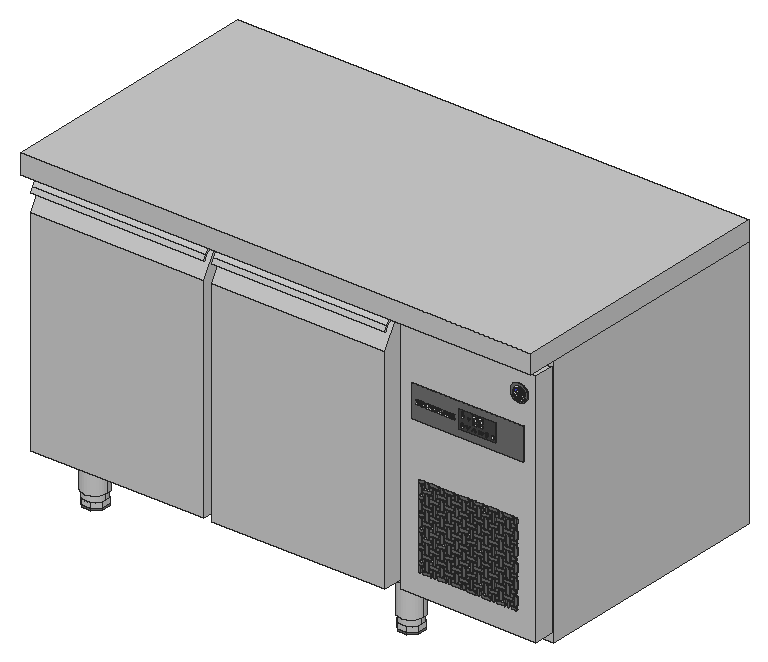
Revit family "QF_HOSHIZAKI_889000822", category Specialty Equipment, Revit 2016
Family settings
  Part Type = Normal
  Round Connector Dimension = Use Diameter
  OmniClass Number = 23.40.40.14
  OmniClass Title = Food Service Equipment
  Work Plane-Based = No
  Always vertical = Yes
  Cut with Voids When Loaded = No
  Shared = No
  Room Calculation Point = No
Parameters (values of type "889000822_230V/1Ph/50Hz")
  Weight = 95.00 kg
  Volts = 230 V
  URL Cutsheet = ""
  URL = "www.hoshizaki-europe.com"
  Status [instance] = ""
  Specification by User [instance] = ""
  Specification by Manufacturer [instance] = ""
  Serial Number = ""
  Seismic Rating = ""
  SMACNA No = ""
  Revision Code [instance] = ""
  Phase = 1
  Number of Poles = 2
  NAFEM Spec ID Number = ""
  Model = "ACR-130DG-LR-CRC-L2"
  Min Ckt Ampacity = 0 A
  Max Overcurrent Protection = 0 A
  Masterspec = ""
  Manufacturer = "HOSHIZAKI"
  Length Actual = 1314 mm
  Item Number [instance] = ""
  Installed By [instance] = ""
  Identify Quantity as Lot [instance] = no
  Height Actual = 900 mm
  HP power = ""
  Furnished By [instance] = ""
  Foodservice Equipment Identifier [instance] = yes
  FL Amps = 1.1 A
  Electric power = 160 W
  Electric Connection Type [instance] = ""
  Elec Conn RI Height [instance] = 0 mm
  Elec Conn Connection Height [instance] = 200 mm
  Description = "ADVANCE 2-SECTION 1/1 GN REFRIGERATED COUNTER WITH 2 DOORS AND A FLAT WORKTOP"
  Depth Actual = 700 mm
  Cycle = 50 Hz
  Cost = 0
  Conn Plug = ""
  Conn Conduit = no
  CSI MasterFormat = ""
  Assembly Code = "E1090320"
  Apparent Power = 160 VA
  Accessory = no
Reference planes
  plane 1 "Center (Front/Back)": y = 0
  plane 2: z = 0
  plane 3 "Center (Left/Right)": x = 0
Forms (mm)
  Extrusion 1, solid, not visible
    sketch origin (1199, -17, 349) x (1, 0, 0) y (0, 1, 0)
      loop
        line (0, 0) -> (2, 0) -> (2, 2) -> (0, 2) -> (0, 0)
    from 0 to 2
Dimensions and locks
  aligned and locked: level to plane 2
Nested families
  nested 1: "QF_HOSHIZAKI_889000822_230V_1Ph_50Hz" at (0, 0, 150), type "889000822_230V/1Ph/50Hz"
    with Show Logo yes, Length Actual 1314 mm, Height Actual 650 mm, Depth Actual 700 mm, Compressor offset 958 mm, Compressor location 1
  nested 2: "QF_HOSHIZAKI_ADVANCE_REF-COUNTER-WORKTOPS" at (0, 0, 800), type "760660093"
    with Worktop thickness 50 mm, Length Actual 1314 mm, Depth Actual 700 mm, Backsplash thickness 20 mm, Backsplash height 100 mm
  nested 3: "QF_HOSHIZAKI_ADVANCE_REF-COUNTER-DOORS-DRAWERS" at (22, -700, 150), type "760660485-R"
    with Weight 0.00 kg, URL Cutsheet "", Status "", Specification by User "", Specification by Manufacturer "", Serial Number "", Seismic Rating "", Section size 446 mm, Section 2, SMACNA No "", Right hand hinged glass door no, Right hand hinged door yes, Revision Code "", NAFEM Spec ID Number "", Masterspec "", Length Actual 0 mm, Left hand hinged glass door no, Left hand hinged door no, Item Number "", Installed By "", Identify Quantity as Lot no, Height Actual 0 mm, Furnished By "", Foodservice Equipment Identifier no, Depth Actual 0 mm, CSI MasterFormat "", Accessory yes, 3 Drawers no, 2 Drawers 1-3 and 2-3 no, 2 Drawers no
  nested 4: "QF_HOSHIZAKI_ADVANCE_REF-COUNTER-DOORS-DRAWERS" at (488, -700, 150), type "760660485-R"
    with Weight 0.00 kg, URL Cutsheet "", Status "", Specification by User "", Specification by Manufacturer "", Serial Number "", Seismic Rating "", Section size 446 mm, Section 2, SMACNA No "", Right hand hinged glass door no, Right hand hinged door yes, Revision Code "", NAFEM Spec ID Number "", Masterspec "", Length Actual 0 mm, Left hand hinged glass door no, Left hand hinged door no, Item Number "", Installed By "", Identify Quantity as Lot no, Height Actual 0 mm, Furnished By "", Foodservice Equipment Identifier no, Depth Actual 0 mm, CSI MasterFormat "", Accessory yes, 3 Drawers no, 2 Drawers 1-3 and 2-3 no, 2 Drawers no
  nested 5: "QF_HOSHIZAKI_ADVANCE_REF-COUNTER-LEGS" at (0, 0, 0), type "760660118-5"
    with Weight 0.00 kg, URL Cutsheet "", Status "", Specification by User "", Specification by Manufacturer "", Serial Number "", Seismic Rating "", SMACNA No "", Revision Code "", NAFEM Spec ID Number "", Masterspec "", Length Actual 1314 mm, Legs inset right 430 mm, Legs inset rear 70 mm, Legs inset left 70 mm, Legs inset front 153 mm, Item Number "", Installed By "", Identify Quantity as Lot no, Height Actual 150 mm, Furnished By "", Foodservice Equipment Identifier no, Depth Actual 700 mm, Central Legs no, CSI MasterFormat "", Accessory yes
Connectors
  electrical at (1200, -15, 350), driven by "Apparent Power", driven by "Number of Poles", driven by "Volts"
    settings: on Extrusion 1, index 1, voltage 230 V, apparent load 0 VA, apparent load phase1 160 VA, apparent load phase2 0 VA, apparent load phase3 0 VA, power factor 1, load classification "Other", number of poles 2, system type 31, power factor state 1, is connector primary yes, connector utility no, sub classification motor no, connector description "Electric connection for '889000822'"
Definition of nested family "QF_HOSHIZAKI_889000822_230V_1Ph_50Hz"
  Parameters (values of type "889000822_230V/1Ph/50Hz")
    URL = "www.hoshizaki-europe.com"
    Show Logo [instance] = yes
    Model = "ACR-130DG-LR-CRC-L2"
    Manufacturer = "HOSHIZAKI"
    Length Actual [instance] = 1314 mm
    Height Actual [instance] = 650 mm
    Description = "ADVANCE 2-SECTION 1/1 GN REFRIGERATED COUNTER WITH 2 DOORS AND A FLAT WORKTOP"
    Depth Actual [instance] = 700 mm
    Compressor offset [instance] = if(Compressor location = 1, Length Actual - 356 mm, if(Compressor location = 2, 7 mm, Length Actual - 356 mm))  # 958 mm
    Compressor location [instance] = 1
    Author = "SPECIFI"
    Assembly Code = "E1090320"
  Types (60, lengths in mm): name | Model | Length Actual | Description | Compressor offset
    889000840 | "ACR-130DG-LR-RRC-L1" | 1314 | "ADVANCE 2-SECTION 1/1 GN REFRIGERATED COUNTER WITH 2 DOORS AND A FLAT WORKTOP" | 958
    889000848 | "ACR-130DG-22-RRC-L1" | 1314 | "ADVANCE 2-SECTION 1/1 GN REFRIGERATED COUNTER WITH 2 DRAWER SECTIONS EACH WITH 2 X 1/2 DRAWERS AND A FLAT WORKTOP" | 958
    889000856 | "ACR-130DG-32-RRC-L1" | 1314 | "ADVANCE 2-SECTION 1/1 GN REFRIGERATED COUNTER WITH 1 DRAWER SECTION WITH 3 X 1/3 DRAWERS, 1 DRAWER SECTION WITH 2 X 1/2 DRAWERS AND A FLAT WORKTOP" | 958
    889000844 | "ACR-130DG-LR-RRS-L1" | 1314 | "ADVANCE 2-SECTION 1/1 GN REFRIGERATED COUNTER WITH 2 DOORS AND A WORKTOP WITH 100 MM SPLASHBACK" | 958
    889000852 | "ACR-130DG-22-RRS-L1" | 1314 | "ADVANCE 2-SECTION 1/1 GN REFRIGERATED COUNTER WITH 2 DRAWER SECTIONS EACH WITH 2 X 1/2 DRAWERS AND A WORKTOP WITH 100 MM SPLASHBACK" | 958
    889000861 | "ACR-130DG-LR-RRC-C1-U" | 1314 | "ADVANCE 2-SECTION 1/1 GN REFRIGERATED COUNTER WITH 2 DOORS AND A FLAT WORKTOP" | 958
    889000869 | "ACR-130DG-22-RRC-C1-U" | 1314 | "ADVANCE 2-SECTION 1/1 GN REFRIGERATED COUNTER WITH 2 DRAWER SECTIONS EACH WITH 2 X 1/2 DRAWERS AND A FLAT WORKTOP" | 958
    889000877 | "ACR-130DG-32-RRC-C1-U" | 1314 | "ADVANCE 2-SECTION 1/1 GN REFRIGERATED COUNTER WITH 1 DRAWER SECTION WITH 3 X 1/3 DRAWERS, 1 DRAWER SECTION WITH 2 X 1/2 DRAWERS AND A FLAT WORKTOP" | 958
    889000865 | "ACR-130DG-LR-RRS-C1-U" | 1314 | "ADVANCE 2-SECTION 1/1 GN REFRIGERATED COUNTER WITH 2 DOORS AND A WORKTOP WITH 100 MM SPLASHBACK" | 958
    889000873 | "ACR-130DG-22-RRS-C1-U" | 1314 | "ADVANCE 2-SECTION 1/1 GN REFRIGERATED COUNTER WITH 2 DRAWER SECTIONS EACH WITH 2 X 1/2 DRAWERS AND A WORKTOP WITH 100 MM SPLASHBACK" | 958
    889000842 | "ACR-130DG-LR-RRC-L2" | 1314 | "ADVANCE 2-SECTION 1/1 GN REFRIGERATED COUNTER WITH 2 DOORS AND A FLAT WORKTOP" | 958
    889000850 | "ACR-130DG-22-RRC-L2" | 1314 | "ADVANCE 2-SECTION 1/1 GN REFRIGERATED COUNTER WITH 2 DRAWER SECTIONS EACH WITH 2 X 1/2 DRAWERS AND A FLAT WORKTOP" | 958
    889000858 | "ACR-130DG-32-RRC-L2" | 1314 | "ADVANCE 2-SECTION 1/1 GN REFRIGERATED COUNTER WITH 1 DRAWER SECTION WITH 3 X 1/3 DRAWERS, 1 DRAWER SECTION WITH 2 X 1/2 DRAWERS AND A FLAT WORKTOP" | 958
    889000846 | "ACR-130DG-LR-RRS-L2" | 1314 | "ADVANCE 2-SECTION 1/1 GN REFRIGERATED COUNTER WITH 2 DOORS AND A WORKTOP WITH 100 MM SPLASHBACK" | 958
    889000854 | "ACR-130DG-22-RRS-L2" | 1314 | "ADVANCE 2-SECTION 1/1 GN REFRIGERATED COUNTER WITH 2 DRAWER SECTIONS EACH WITH 2 X 1/2 DRAWERS AND A WORKTOP WITH 100 MM SPLASHBACK" | 958
    889000822_230V/1Ph/50Hz | "ACR-130DG-LR-CRC-L2" | 1314 | "ADVANCE 2-SECTION 1/1 GN REFRIGERATED COUNTER WITH 2 DOORS AND A FLAT WORKTOP" | 958
    889000830 | "ACR-130DG-22-CRC-L2" | 1314 | "ADVANCE 2-SECTION 1/1 GN REFRIGERATED COUNTER WITH 2 DRAWER SECTIONS EACH WITH 2 X 1/2 DRAWERS AND A FLAT WORKTOP" | 958
    889000838 | "ACR-130DG-32-CRC-L2" | 1314 | "ADVANCE 2-SECTION 1/1 GN REFRIGERATED COUNTER WITH 1 DRAWER SECTION WITH 3 X 1/3 DRAWERS, 1 DRAWER SECTION WITH 2 X 1/2 DRAWERS AND A FLAT WORKTOP" | 958
    889000826 | "ACR-130DG-LR-CRS-L2" | 1314 | "ADVANCE 2-SECTION 1/1 GN REFRIGERATED COUNTER WITH 2 DOORS AND A WORKTOP WITH 100 MM SPLASHBACK" | 958
    889000834 | "ACR-130DG-22-CRS-L2" | 1314 | "ADVANCE 2-SECTION 1/1 GN REFRIGERATED COUNTER WITH 2 DRAWER SECTIONS EACH WITH 2 X 1/2 DRAWERS AND A WORKTOP WITH 100 MM SPLASHBACK" | 958
    889020840 | "ACR-180DG-LRR-RRC-L1" | 1780 | "ADVANCE 3-SECTION 1/1 GN REFRIGERATED COUNTER WITH 3 DOORS AND A FLAT WORKTOP" | 1424
    889020848 | "ACR-180DG-222-RRC-L1" | 1780 | "ADVANCE 3-SECTION 1/1 GN REFRIGERATED COUNTER WITH 3 DRAWER SECTIONS EACH WITH 2 X 1/2 DRAWERS AND A FLAT WORKTOP" | 1424
    889020856 | "ACR-180DG-332-RRC-L1" | 1780 | "ADVANCE 3-SECTION 1/1 GN REFRIGERATED COUNTER WITH 2 DRAWER SECTIONS EACH WITH 3 X 1/3 DRAWERS, 1 DRAWER SECTION WITH 2 X 1/2 DRAWERS AND A FLAT WORKTOP" | 1424
    889020844 | "ACR-180DG-LRR-RRS-L1" | 1780 | "ADVANCE 3-SECTION 1/1 GN REFRIGERATED COUNTER WITH 3 DOORS AND A WORKTOP WITH 100 MM SPLASHBACK" | 1424
    889020852 | "ACR-180DG-222-RRS-L1" | 1780 | "ADVANCE 3-SECTION 1/1 GN REFRIGERATED COUNTER WITH 3 DRAWER SECTIONS EACH WITH 2 X 1/2 DRAWERS AND A WORKTOP WITH 100 MM SPLASHBACK" | 1424
    889020861 | "ACR-180DG-LRR-RRC-C1-U" | 1780 | "ADVANCE 3-SECTION 1/1 GN REFRIGERATED COUNTER WITH 3 DOORS AND A FLAT WORKTOP" | 1424
    889020869 | "ACR-180DG-222-RRC-C1-U" | 1780 | "ADVANCE 3-SECTION 1/1 GN REFRIGERATED COUNTER WITH 3 DRAWER SECTIONS EACH WITH 2 X 1/2 DRAWERS AND A FLAT WORKTOP" | 1424
    889020877 | "ACR-180DG-332-RRC-C1-U" | 1780 | "ADVANCE 3-SECTION 1/1 GN REFRIGERATED COUNTER WITH 2 DRAWER SECTIONS EACH WITH 3 X 1/3 DRAWERS, 1 DRAWER SECTION WITH 2 X 1/2 DRAWERS AND A FLAT WORKTOP" | 1424
    889020865 | "ACR-180DG-LRR-RRS-C1-U" | 1780 | "ADVANCE 3-SECTION 1/1 GN REFRIGERATED COUNTER WITH 3 DOORS AND A WORKTOP WITH 100 MM SPLASHBACK" | 1424
    889020873 | "ACR-180DG-222-RRS-C1-U" | 1780 | "ADVANCE 3-SECTION 1/1 GN REFRIGERATED COUNTER WITH 3 DRAWER SECTIONS EACH WITH 2 X 1/2 DRAWERS AND A WORKTOP WITH 100 MM SPLASHBACK" | 1424
    889020842 | "ACR-180DG-LRR-RRC-L2" | 1780 | "ADVANCE 3-SECTION 1/1 GN REFRIGERATED COUNTER WITH 3 DOORS AND A FLAT WORKTOP" | 1424
    889020850 | "ACR-180DG-222-RRC-L2" | 1780 | "ADVANCE 3-SECTION 1/1 GN REFRIGERATED COUNTER WITH 3 DRAWER SECTIONS EACH WITH 2 X 1/2 DRAWERS AND A FLAT WORKTOP" | 1424
    889020858 | "ACR-180DG-332-RRC-L2" | 1780 | "ADVANCE 3-SECTION 1/1 GN REFRIGERATED COUNTER WITH 2 DRAWER SECTIONS EACH WITH 3 X 1/3 DRAWERS, 1 DRAWER SECTION WITH 2 X 1/2 DRAWERS AND A FLAT WORKTOP" | 1424
    889020846 | "ACR-180DG-LRR-RRS-L2" | 1780 | "ADVANCE 3-SECTION 1/1 GN REFRIGERATED COUNTER WITH 3 DOORS AND A WORKTOP WITH 100 MM SPLASHBACK" | 1424
    889020854 | "ACR-180DG-222-RRS-L2" | 1780 | "ADVANCE 3-SECTION 1/1 GN REFRIGERATED COUNTER WITH 3 DRAWER SECTIONS EACH WITH 2 X 1/2 DRAWERS AND A WORKTOP WITH 100 MM SPLASHBACK" | 1424
    889020823 | "ACR-180DG-LRR-CRC-L2" | 1780 | "ADVANCE 3-SECTION 1/1 GN REFRIGERATED COUNTER WITH 3 DOORS AND A FLAT WORKTOP" | 1424
    889020830 | "ACR-180DG-222-CRC-L2" | 1780 | "ADVANCE 3-SECTION 1/1 GN REFRIGERATED COUNTER WITH 3 DRAWER SECTIONS EACH WITH 2 X 1/2 DRAWERS AND A FLAT WORKTOP" | 1424
    889020838 | "ACR-180DG-332-CRC-L2" | 1780 | "ADVANCE 3-SECTION 1/1 GN REFRIGERATED COUNTER WITH 2 DRAWER SECTIONS EACH WITH 3 X 1/3 DRAWERS, 1 DRAWER SECTION WITH 2 X 1/2 DRAWERS AND A FLAT WORKTOP" | 1424
    889020827 | "ACR-180DG-LRR-CRS-L2" | 1780 | "ADVANCE 3-SECTION 1/1 GN REFRIGERATED COUNTER WITH 3 DOORS AND A WORKTOP WITH 100 MM SPLASHBACK" | 1424
    889020834 | "ACR-180DG-222-CRS-L2" | 1780 | "ADVANCE 3-SECTION 1/1 GN REFRIGERATED COUNTER WITH 3 DRAWER SECTIONS EACH WITH 2 X 1/2 DRAWERS AND A WORKTOP WITH 100 MM SPLASHBACK" | 1424
    889040840 | "ACR-225DG-LLRR-RRC-L1" | 2246 | "ADVANCE 4-SECTION 1/1 GN REFRIGERATED COUNTER WITH 4 DOORS AND A FLAT WORKTOP" | 1890
    889040848 | "ACR-225DG-2222-RRC-L1" | 2246 | "ADVANCE 4-SECTION 1/1 GN REFRIGERATED COUNTER WITH 4 DRAWER SECTIONS EACH WITH 2 X 1/2 DRAWERS AND A FLAT WORKTOP" | 1890
    889040856 | "ACR-225DG-3332-RRC-L1" | 2246 | "ADVANCE 4-SECTION 1/1 GN REFRIGERATED COUNTER WITH 3 DRAWER SECTIONS EACH WITH 3 X 1/3 DRAWERS, 1 DRAWER SECTION WITH 2 X 1/2 DRAWERS AND A FLAT WORKTOP" | 1890
    889040844 | "ACR-225DG-LLRR-RRS-L1" | 2246 | "ADVANCE 4-SECTION 1/1 GN REFRIGERATED COUNTER WITH 4 DOORS AND A WORKTOP WITH 100 MM SPLASHBACK" | 1890
    889040852 | "ACR-225DG-2222-RRS-L1" | 2246 | "ADVANCE 4-SECTION 1/1 GN REFRIGERATED COUNTER WITH 4 DRAWER SECTIONS EACH WITH 2 X 1/2 DRAWERS AND A WORKTOP WITH 100 MM SPLASHBACK" | 1890
    889040861 | "ACR-225DG-LLRR-RRC-C1-U" | 2246 | "ADVANCE 4-SECTION 1/1 GN REFRIGERATED COUNTER WITH 4 DOORS AND A FLAT WORKTOP" | 1890
    889040869 | "ACR-225DG-2222-RRC-C1-U" | 2246 | "ADVANCE 4-SECTION 1/1 GN REFRIGERATED COUNTER WITH 4 DRAWER SECTIONS EACH WITH 2 X 1/2 DRAWERS AND A FLAT WORKTOP" | 1890
    889040877 | "ACR-225DG-3332-RRC-C1-U" | 2246 | "ADVANCE 4-SECTION 1/1 GN REFRIGERATED COUNTER WITH 3 DRAWER SECTIONS EACH WITH 3 X 1/3 DRAWERS, 1 DRAWER SECTION WITH 2 X 1/2 DRAWERS AND A FLAT WORKTOP" | 1890
    889040865 | "ACR-225DG-LLRR-RRS-C1-U" | 2246 | "ADVANCE 4-SECTION 1/1 GN REFRIGERATED COUNTER WITH 4 DOORS AND A WORKTOP WITH 100 MM SPLASHBACK" | 1890
    889040873 | "ACR-225DG-2222-RRS-C1-U" | 2246 | "ADVANCE 4-SECTION 1/1 GN REFRIGERATED COUNTER WITH 4 DRAWER SECTIONS EACH WITH 2 X 1/2 DRAWERS AND A WORKTOP WITH 100 MM SPLASHBACK" | 1890
    889040842 | "ACR-225DG-LLRR-RRC-L2" | 2246 | "ADVANCE 4-SECTION 1/1 GN REFRIGERATED COUNTER WITH 4 DOORS AND A FLAT WORKTOP" | 1890
    889040850 | "ACR-225DG-2222-RRC-L2" | 2246 | "ADVANCE 4-SECTION 1/1 GN REFRIGERATED COUNTER WITH 4 DRAWER SECTIONS EACH WITH 2 X 1/2 DRAWERS AND A FLAT WORKTOP" | 1890
    889040858 | "ACR-225DG-3332-RRC-L2" | 2246 | "ADVANCE 4-SECTION 1/1 GN REFRIGERATED COUNTER WITH 3 DRAWER SECTIONS EACH WITH 3 X 1/3 DRAWERS, 1 DRAWER SECTION WITH 2 X 1/2 DRAWERS AND A FLAT WORKTOP" | 1890
    889040846 | "ACR-225DG-LLRR-RRS-L2" | 2246 | "ADVANCE 4-SECTION 1/1 GN REFRIGERATED COUNTER WITH 4 DOORS AND A WORKTOP WITH 100 MM SPLASHBACK" | 1890
    889040854 | "ACR-225DG-2222-RRS-L2" | 2246 | "ADVANCE 4-SECTION 1/1 GN REFRIGERATED COUNTER WITH 4 DRAWER SECTIONS EACH WITH 2 X 1/2 DRAWERS AND A WORKTOP WITH 100 MM SPLASHBACK" | 1890
    889040822 | "ACR-225DG-LLRR-CRC-L2" | 2246 | "ADVANCE 4-SECTION 1/1 GN REFRIGERATED COUNTER WITH 4 DOORS AND A FLAT WORKTOP" | 1890
    889040830 | "ACR-225DG-2222-CRC-L2" | 2246 | "ADVANCE 4-SECTION 1/1 GN REFRIGERATED COUNTER WITH 4 DRAWER SECTIONS EACH WITH 2 X 1/2 DRAWERS AND A FLAT WORKTOP" | 1890
    889040838 | "ACR-225DG-3332-CRC-L2" | 2246 | "ADVANCE 4-SECTION 1/1 GN REFRIGERATED COUNTER WITH 3 DRAWER SECTIONS EACH WITH 3 X 1/3 DRAWERS, 1 DRAWER SECTION WITH 2 X 1/2 DRAWERS AND A FLAT WORKTOP" | 1890
    889040826 | "ACR-225DG-LLRR-CRS-L2" | 2246 | "ADVANCE 4-SECTION 1/1 GN REFRIGERATED COUNTER WITH 4 DOORS AND A WORKTOP WITH 100 MM SPLASHBACK" | 1890
    889040834 | "ACR-225DG-2222-CRS-L2" | 2246 | "ADVANCE 4-SECTION 1/1 GN REFRIGERATED COUNTER WITH 4 DRAWER SECTIONS EACH WITH 2 X 1/2 DRAWERS AND A WORKTOP WITH 100 MM SPLASHBACK" | 1890
  Reference planes
    plane 1 "Back": y = 0
    plane 2: z = 0
    plane 3 "Left": x = 0
    plane 4 "Right": x = 1314
    plane 5 "Front": y = -700
    plane 6 "Top": z = 650
    plane 7 "Front legs": y = -624.512
    plane 8 "Compressor dimension": x = 1314
    plane 9 "Compressor offset": x = 958
  Forms (mm)
    Extrusion 1, solid
      sketch origin (0, 0, 0) x (0, 1, 0) y (0, 0, 1)
        loop
          line (0, 650) -> (-624.512, 650) -> (-624.512, 0) -> (0, 0) -> (0, 650)
      from 0 to 1314
    Extrusion 2, solid
      sketch origin (958, 0, 0) x (0, -1, 0) y (0, 0, 1)
        loop
          line (624.512, 634) -> (624.512, 20) -> (674.54, 20) -> (674.54, 634) -> (624.512, 634)
      from 0 to -349
  Lines and regions (mm)
    symbolic lines
      curve 1: line (0, 0, 650) -> (1314, 0, 650)
      curve 2: line (0, -700, 650) -> (0, 0, 650)
      curve 3: line (1314, -700, 650) -> (0, -700, 650)
      curve 4: line (1314, 0, 650) -> (1314, -700, 650)
  Dimensions and locks
    "Length Actual": plane 3 "Left" to plane 4 "Right"
    "Depth Actual": plane 5 "Front" to plane 1 "Back"
    plane 7 "Front legs" to plane 5 "Front" = 75.488 mm
    "Compressor offset": plane 3 "Left" to plane 9 "Compressor offset"
    locked: plane 9 "Compressor offset" to plane 8 "Compressor dimension" at 356
    plane 6 "Top" to level = 650 mm
    aligned and locked: level to plane 2
    aligned and locked: plane 1 "Back" to Extrusion 1 sketch curve
    aligned and locked: plane 7 "Front legs" to Extrusion 1 sketch curve
    aligned and locked: Extrusion 1 to plane 4 "Right"
    aligned and locked: plane 7 "Front legs" to Extrusion 2 sketch curve
    aligned and locked: nested 1 to plane 5 "Front"
    aligned and locked: nested 1 to plane 9 "Compressor offset"
    aligned and locked: Extrusion 1 sketch curve to plane 6 "Top"
    aligned and locked: plane 2 to Extrusion 1 sketch curve
    aligned and locked: plane 1 "Back" to curve 1
    aligned and locked: plane 5 "Front" to curve 3
    aligned and locked: plane 4 "Right" to curve 4
    aligned and locked: plane 3 "Left" to curve 2
  Automatic sketch dimensions
    plane 5 "Front" to Extrusion 2 sketch curve = 25.46 mm
    level to Extrusion 2 sketch curve = 20 mm
    Extrusion 2 sketch curve to plane 6 "Top" = 16 mm
  Nested families
    nested 1: "Control-panel" at (958, -700, 0), Show Logo <- "Show Logo", type "Control-panel"
      with Show Logo yes
  Definition of nested family "Control-panel"
    Parameters (values of type "Control-panel")
      Show Logo [instance] = yes
    Reference planes
      plane 1 "Center (Front/Back)": y = 0
      plane 2: z = 0
      plane 3 "Center (Left/Right)": x = 0
      plane 4: z = 650
    Forms (mm)
      Extrusion 1, solid
        sketch origin (-3653, 19.5, -135) x (-1, 0, 0) y (0, 0, 1)
          loop
            arc (-3941, 426) -> (-3944.5, 422.5) -> (-3941, 419) r 3.5
            line (-3941, 419) -> (-3923, 419)
            arc (-3923, 419) -> (-3919.5, 422.5) -> (-3923, 426) r 3.5
            line (-3923, 426) -> (-3941, 426)
          loop
            arc (-3903, 426) -> (-3906.5, 422.5) -> (-3903, 419) r 3.5
            line (-3903, 419) -> (-3885, 419)
            arc (-3885, 419) -> (-3881.5, 422.5) -> (-3885, 426) r 3.5
            line (-3885, 426) -> (-3903, 426)
          loop
            arc (-3865, 426) -> (-3868.5, 422.5) -> (-3865, 419) r 3.5
            line (-3865, 419) -> (-3847, 419)
            arc (-3847, 419) -> (-3843.5, 422.5) -> (-3847, 426) r 3.5
            line (-3847, 426) -> (-3865, 426)
          loop
            arc (-3827, 426) -> (-3830.5, 422.5) -> (-3827, 419) r 3.5
            line (-3827, 419) -> (-3809, 419)
            arc (-3809, 419) -> (-3805.5, 422.5) -> (-3809, 426) r 3.5
            line (-3809, 426) -> (-3827, 426)
          loop
            arc (-3789, 426) -> (-3792.5, 422.5) -> (-3789, 419) r 3.5
            line (-3789, 419) -> (-3771, 419)
            arc (-3771, 419) -> (-3767.5, 422.5) -> (-3771, 426) r 3.5
            line (-3771, 426) -> (-3789, 426)
          loop
            arc (-3751, 426) -> (-3754.5, 422.5) -> (-3751, 419) r 3.5
            line (-3751, 419) -> (-3733, 419)
            arc (-3733, 419) -> (-3729.5, 422.5) -> (-3733, 426) r 3.5
            line (-3733, 426) -> (-3751, 426)
          loop
            arc (-3713, 426) -> (-3716.5, 422.5) -> (-3713, 419) r 3.5
            line (-3713, 419) -> (-3704, 419)
            arc (-3704, 419) -> (-3700.5, 422.5) -> (-3704, 426) r 3.5
            line (-3704, 426) -> (-3713, 426)
          loop
            arc (-3948, 422) -> (-3951, 425) -> (-3954, 422) r 3
            line (-3954, 422) -> (-3954, 413)
            arc (-3954, 413) -> (-3951, 410) -> (-3948, 413) r 3
            line (-3948, 413) -> (-3948, 422)
          loop
            line (-3938.025, 416.51) -> (-3945.025, 416.51) -> (-3945.025, 409.51) -> (-3938.025, 409.51) -> (-3938.025, 416.51)
          loop
            line (-3919.025, 416.51) -> (-3926.025, 416.51) -> (-3926.025, 409.51) -> (-3919.025, 409.51) -> (-3919.025, 416.51)
          loop
            arc (-3910, 422) -> (-3913, 425) -> (-3916, 422) r 3
            line (-3916, 422) -> (-3916, 413)
            arc (-3916, 413) -> (-3913, 410) -> (-3910, 413) r 3
            line (-3910, 413) -> (-3910, 422)
          loop
            line (-3900.025, 416.51) -> (-3907.025, 416.51) -> (-3907.025, 409.51) -> (-3900.025, 409.51) -> (-3900.025, 416.51)
          loop
            line (-3881.025, 416.51) -> (-3888.025, 416.51) -> (-3888.025, 409.51) -> (-3881.025, 409.51) -> (-3881.025, 416.51)
          loop
            arc (-3872, 422) -> (-3875, 425) -> (-3878, 422) r 3
            line (-3878, 422) -> (-3878, 413)
            arc (-3878, 413) -> (-3875, 410) -> (-3872, 413) r 3
            line (-3872, 413) -> (-3872, 422)
          loop
            line (-3862.025, 416.51) -> (-3869.025, 416.51) -> (-3869.025, 409.51) -> (-3862.025, 409.51) -> (-3862.025, 416.51)
          loop
            line (-3843.025, 416.51) -> (-3850.025, 416.51) -> (-3850.025, 409.51) -> (-3843.025, 409.51) -> (-3843.025, 416.51)
          loop
            arc (-3834, 422) -> (-3837, 425) -> (-3840, 422) r 3
            line (-3840, 422) -> (-3840, 413)
            arc (-3840, 413) -> (-3837, 410) -> (-3834, 413) r 3
            line (-3834, 413) -> (-3834, 422)
          loop
            line (-3824.025, 416.51) -> (-3831.025, 416.51) -> (-3831.025, 409.51) -> (-3824.025, 409.51) -> (-3824.025, 416.51)
          loop
            line (-3805.025, 416.51) -> (-3812.025, 416.51) -> (-3812.025, 409.51) -> (-3805.025, 409.51) -> (-3805.025, 416.51)
          loop
            arc (-3796, 422) -> (-3799, 425) -> (-3802, 422) r 3
            line (-3802, 422) -> (-3802, 413)
            arc (-3802, 413) -> (-3799, 410) -> (-3796, 413) r 3
            line (-3796, 413) -> (-3796, 422)
          loop
            line (-3786.025, 416.51) -> (-3793.025, 416.51) -> (-3793.025, 409.51) -> (-3786.025, 409.51) -> (-3786.025, 416.51)
          loop
            line (-3767.025, 416.51) -> (-3774.025, 416.51) -> (-3774.025, 409.51) -> (-3767.025, 409.51) -> (-3767.025, 416.51)
          loop
            arc (-3758, 422) -> (-3761, 425) -> (-3764, 422) r 3
            line (-3764, 422) -> (-3764, 413)
            arc (-3764, 413) -> (-3761, 410) -> (-3758, 413) r 3
            line (-3758, 413) -> (-3758, 422)
          loop
            line (-3748.025, 416.51) -> (-3755.025, 416.51) -> (-3755.025, 409.51) -> (-3748.025, 409.51) -> (-3748.025, 416.51)
          loop
            line (-3729.025, 416.51) -> (-3736.025, 416.51) -> (-3736.025, 409.51) -> (-3729.025, 409.51) -> (-3729.025, 416.51)
          loop
            arc (-3720, 422) -> (-3723, 425) -> (-3726, 422) r 3
            line (-3726, 422) -> (-3726, 413)
            arc (-3726, 413) -> (-3723, 410) -> (-3720, 413) r 3
            line (-3720, 413) -> (-3720, 422)
          loop
            line (-3710.025, 416.51) -> (-3717.025, 416.51) -> (-3717.025, 409.51) -> (-3710.025, 409.51) -> (-3710.025, 416.51)
          loop
            line (-3935.5, 412.5) -> (-3935.5, 394.5)
            arc (-3935.5, 394.5) -> (-3932, 391) -> (-3928.5, 394.5) r 3.5
            line (-3928.5, 394.5) -> (-3928.5, 412.5)
            arc (-3928.5, 412.5) -> (-3932, 416) -> (-3935.5, 412.5) r 3.5
          loop
            line (-3897.5, 412.5) -> (-3897.5, 394.5)
            arc (-3897.5, 394.5) -> (-3894, 391) -> (-3890.5, 394.5) r 3.5
            line (-3890.5, 394.5) -> (-3890.5, 412.5)
            arc (-3890.5, 412.5) -> (-3894, 416) -> (-3897.5, 412.5) r 3.5
          loop
            line (-3859.5, 412.5) -> (-3859.5, 394.5)
            arc (-3859.5, 394.5) -> (-3856, 391) -> (-3852.5, 394.5) r 3.5
            line (-3852.5, 394.5) -> (-3852.5, 412.5)
            arc (-3852.5, 412.5) -> (-3856, 416) -> (-3859.5, 412.5) r 3.5
          loop
            line (-3821.5, 412.5) -> (-3821.5, 394.5)
            arc (-3821.5, 394.5) -> (-3818, 391) -> (-3814.5, 394.5) r 3.5
            line (-3814.5, 394.5) -> (-3814.5, 412.5)
            arc (-3814.5, 412.5) -> (-3818, 416) -> (-3821.5, 412.5) r 3.5
          loop
            line (-3783.5, 412.5) -> (-3783.5, 394.5)
            arc (-3783.5, 394.5) -> (-3780, 391) -> (-3776.5, 394.5) r 3.5
            line (-3776.5, 394.5) -> (-3776.5, 412.5)
            arc (-3776.5, 412.5) -> (-3780, 416) -> (-3783.5, 412.5) r 3.5
          loop
            line (-3745.5, 412.5) -> (-3745.5, 394.5)
            arc (-3745.5, 394.5) -> (-3742, 391) -> (-3738.5, 394.5) r 3.5
            line (-3738.5, 394.5) -> (-3738.5, 412.5)
            arc (-3738.5, 412.5) -> (-3742, 416) -> (-3745.5, 412.5) r 3.5
          loop
            line (-3707.5, 412.5) -> (-3707.5, 394.5)
            arc (-3707.5, 394.5) -> (-3704, 391) -> (-3700.5, 394.5) r 3.5
            line (-3700.5, 394.5) -> (-3700.5, 412.5)
            arc (-3700.5, 412.5) -> (-3704, 416) -> (-3707.5, 412.5) r 3.5
          loop
            arc (-3922, 407) -> (-3925.5, 403.5) -> (-3922, 400) r 3.5
            line (-3922, 400) -> (-3904, 400)
            arc (-3904, 400) -> (-3900.5, 403.5) -> (-3904, 407) r 3.5
            line (-3904, 407) -> (-3922, 407)
          loop
            arc (-3884, 407) -> (-3887.5, 403.5) -> (-3884, 400) r 3.5
            line (-3884, 400) -> (-3866, 400)
            arc (-3866, 400) -> (-3862.5, 403.5) -> (-3866, 407) r 3.5
            line (-3866, 407) -> (-3884, 407)
          loop
            arc (-3846, 407) -> (-3849.5, 403.5) -> (-3846, 400) r 3.5
            line (-3846, 400) -> (-3828, 400)
            arc (-3828, 400) -> (-3824.5, 403.5) -> (-3828, 407) r 3.5
            line (-3828, 407) -> (-3846, 407)
          loop
            arc (-3808, 407) -> (-3811.5, 403.5) -> (-3808, 400) r 3.5
            line (-3808, 400) -> (-3790, 400)
            arc (-3790, 400) -> (-3786.5, 403.5) -> (-3790, 407) r 3.5
            line (-3790, 407) -> (-3808, 407)
          loop
            arc (-3770, 407) -> (-3773.5, 403.5) -> (-3770, 400) r 3.5
            line (-3770, 400) -> (-3752, 400)
            arc (-3752, 400) -> (-3748.5, 403.5) -> (-3752, 407) r 3.5
            line (-3752, 407) -> (-3770, 407)
          loop
            arc (-3732, 407) -> (-3735.5, 403.5) -> (-3732, 400) r 3.5
            line (-3732, 400) -> (-3714, 400)
            arc (-3714, 400) -> (-3710.5, 403.5) -> (-3714, 407) r 3.5
            line (-3714, 407) -> (-3732, 407)
          loop
            line (-3938.025, 390.49) -> (-3938.025, 397.49) -> (-3945.025, 397.49) -> (-3945.025, 390.49) -> (-3938.025, 390.49)
          loop
            line (-3919.025, 390.49) -> (-3919.025, 397.49) -> (-3926.025, 397.49) -> (-3926.025, 390.49) -> (-3919.025, 390.49)
          loop
            line (-3900.025, 390.49) -> (-3900.025, 397.49) -> (-3907.025, 397.49) -> (-3907.025, 390.49) -> (-3900.025, 390.49)
          loop
            line (-3881.025, 390.49) -> (-3881.025, 397.49) -> (-3888.025, 397.49) -> (-3888.025, 390.49) -> (-3881.025, 390.49)
          loop
            line (-3862.025, 390.49) -> (-3862.025, 397.49) -> (-3869.025, 397.49) -> (-3869.025, 390.49) -> (-3862.025, 390.49)
          loop
            line (-3843.025, 390.49) -> (-3843.025, 397.49) -> (-3850.025, 397.49) -> (-3850.025, 390.49) -> (-3843.025, 390.49)
          loop
            line (-3824.025, 390.49) -> (-3824.025, 397.49) -> (-3831.025, 397.49) -> (-3831.025, 390.49) -> (-3824.025, 390.49)
          loop
            line (-3805.025, 390.49) -> (-3805.025, 397.49) -> (-3812.025, 397.49) -> (-3812.025, 390.49) -> (-3805.025, 390.49)
          loop
            line (-3786.025, 390.49) -> (-3786.025, 397.49) -> (-3793.025, 397.49) -> (-3793.025, 390.49) -> (-3786.025, 390.49)
          loop
            line (-3767.025, 390.49) -> (-3767.025, 397.49) -> (-3774.025, 397.49) -> (-3774.025, 390.49) -> (-3767.025, 390.49)
          loop
            line (-3748.025, 390.49) -> (-3748.025, 397.49) -> (-3755.025, 397.49) -> (-3755.025, 390.49) -> (-3748.025, 390.49)
          loop
            line (-3729.025, 390.49) -> (-3729.025, 397.49) -> (-3736.025, 397.49) -> (-3736.025, 390.49) -> (-3729.025, 390.49)
          loop
            line (-3710.025, 390.49) -> (-3710.025, 397.49) -> (-3717.025, 397.49) -> (-3717.025, 390.49) -> (-3710.025, 390.49)
          loop
            arc (-3719.5, 393.5) -> (-3723, 397) -> (-3726.5, 393.5) r 3.5
            line (-3726.5, 393.5) -> (-3726.5, 375.5)
            arc (-3726.5, 375.5) -> (-3723, 372) -> (-3719.5, 375.5) r 3.5
            line (-3719.5, 375.5) -> (-3719.5, 393.5)
          loop
            arc (-3757.5, 393.5) -> (-3761, 397) -> (-3764.5, 393.5) r 3.5
            line (-3764.5, 393.5) -> (-3764.5, 375.5)
            arc (-3764.5, 375.5) -> (-3761, 372) -> (-3757.5, 375.5) r 3.5
            line (-3757.5, 375.5) -> (-3757.5, 393.5)
          loop
            arc (-3795.5, 393.5) -> (-3799, 397) -> (-3802.5, 393.5) r 3.5
            line (-3802.5, 393.5) -> (-3802.5, 375.5)
            arc (-3802.5, 375.5) -> (-3799, 372) -> (-3795.5, 375.5) r 3.5
            line (-3795.5, 375.5) -> (-3795.5, 393.5)
          loop
            arc (-3833.5, 393.5) -> (-3837, 397) -> (-3840.5, 393.5) r 3.5
            line (-3840.5, 393.5) -> (-3840.5, 375.5)
            arc (-3840.5, 375.5) -> (-3837, 372) -> (-3833.5, 375.5) r 3.5
            line (-3833.5, 375.5) -> (-3833.5, 393.5)
          loop
            arc (-3871.5, 393.5) -> (-3875, 397) -> (-3878.5, 393.5) r 3.5
            line (-3878.5, 393.5) -> (-3878.5, 375.5)
            arc (-3878.5, 375.5) -> (-3875, 372) -> (-3871.5, 375.5) r 3.5
            line (-3871.5, 375.5) -> (-3871.5, 393.5)
          loop
            arc (-3909.5, 393.5) -> (-3913, 397) -> (-3916.5, 393.5) r 3.5
            line (-3916.5, 393.5) -> (-3916.5, 375.5)
            arc (-3916.5, 375.5) -> (-3913, 372) -> (-3909.5, 375.5) r 3.5
            line (-3909.5, 375.5) -> (-3909.5, 393.5)
          loop
            arc (-3951, 406.5) -> (-3954, 403.5) -> (-3951, 400.5) r 3
            line (-3951, 400.5) -> (-3942, 400.5)
            arc (-3942, 400.5) -> (-3939, 403.5) -> (-3942, 406.5) r 3
            line (-3942, 406.5) -> (-3951, 406.5)
          loop
            arc (-3947.5, 393.5) -> (-3951, 397) -> (-3954.5, 393.5) r 3.5
            line (-3954.5, 393.5) -> (-3954.5, 375.5)
            arc (-3954.5, 375.5) -> (-3951, 372) -> (-3947.5, 375.5) r 3.5
            line (-3947.5, 375.5) -> (-3947.5, 393.5)
          loop
            arc (-3941, 388.51) -> (-3944.5, 385.01) -> (-3941, 381.51) r 3.5
            line (-3941, 381.51) -> (-3923, 381.51)
            arc (-3923, 381.51) -> (-3919.5, 385.01) -> (-3923, 388.51) r 3.5
            line (-3923, 388.51) -> (-3941, 388.51)
          loop
            arc (-3903, 388.51) -> (-3906.5, 385.01) -> (-3903, 381.51) r 3.5
            line (-3903, 381.51) -> (-3885, 381.51)
            arc (-3885, 381.51) -> (-3881.5, 385.01) -> (-3885, 388.51) r 3.5
            line (-3885, 388.51) -> (-3903, 388.51)
          loop
            arc (-3865, 388.51) -> (-3868.5, 385.01) -> (-3865, 381.51) r 3.5
            line (-3865, 381.51) -> (-3847, 381.51)
            arc (-3847, 381.51) -> (-3843.5, 385.01) -> (-3847, 388.51) r 3.5
            line (-3847, 388.51) -> (-3865, 388.51)
          loop
            arc (-3827, 388.51) -> (-3830.5, 385.01) -> (-3827, 381.51) r 3.5
            line (-3827, 381.51) -> (-3809, 381.51)
            arc (-3809, 381.51) -> (-3805.5, 385.01) -> (-3809, 388.51) r 3.5
            line (-3809, 388.51) -> (-3827, 388.51)
          loop
            arc (-3789, 388.51) -> (-3792.5, 385.01) -> (-3789, 381.51) r 3.5
            line (-3789, 381.51) -> (-3771, 381.51)
            arc (-3771, 381.51) -> (-3767.5, 385.01) -> (-3771, 388.51) r 3.5
            line (-3771, 388.51) -> (-3789, 388.51)
          loop
            arc (-3751, 388.51) -> (-3754.5, 385.01) -> (-3751, 381.51) r 3.5
            line (-3751, 381.51) -> (-3733, 381.51)
            arc (-3733, 381.51) -> (-3729.5, 385.01) -> (-3733, 388.51) r 3.5
            line (-3733, 388.51) -> (-3751, 388.51)
          loop
            arc (-3713, 388.51) -> (-3716.5, 385.01) -> (-3713, 381.51) r 3.5
            line (-3713, 381.51) -> (-3704, 381.51)
            arc (-3704, 381.51) -> (-3700.5, 385.01) -> (-3704, 388.51) r 3.5
            line (-3704, 388.51) -> (-3713, 388.51)
          loop
            line (-3938.025, 379.02) -> (-3945.025, 379.02) -> (-3945.025, 372.02) -> (-3938.025, 372.02) -> (-3938.025, 379.02)
          loop
            line (-3919.025, 379.02) -> (-3926.025, 379.02) -> (-3926.025, 372.02) -> (-3919.025, 372.02) -> (-3919.025, 379.02)
          loop
            line (-3900.025, 379.02) -> (-3907.025, 379.02) -> (-3907.025, 372.02) -> (-3900.025, 372.02) -> (-3900.025, 379.02)
          loop
            line (-3881.025, 379.02) -> (-3888.025, 379.02) -> (-3888.025, 372.02) -> (-3881.025, 372.02) -> (-3881.025, 379.02)
          loop
            line (-3862.025, 379.02) -> (-3869.025, 379.02) -> (-3869.025, 372.02) -> (-3862.025, 372.02) -> (-3862.025, 379.02)
          loop
            line (-3843.025, 379.02) -> (-3850.025, 379.02) -> (-3850.025, 372.02) -> (-3843.025, 372.02) -> (-3843.025, 379.02)
          loop
            line (-3824.025, 379.02) -> (-3831.025, 379.02) -> (-3831.025, 372.02) -> (-3824.025, 372.02) -> (-3824.025, 379.02)
          loop
            line (-3805.025, 379.02) -> (-3812.025, 379.02) -> (-3812.025, 372.02) -> (-3805.025, 372.02) -> (-3805.025, 379.02)
          loop
            line (-3786.025, 379.02) -> (-3793.025, 379.02) -> (-3793.025, 372.02) -> (-3786.025, 372.02) -> (-3786.025, 379.02)
          loop
            line (-3767.025, 379.02) -> (-3774.025, 379.02) -> (-3774.025, 372.02) -> (-3767.025, 372.02) -> (-3767.025, 379.02)
          loop
            line (-3748.025, 379.02) -> (-3755.025, 379.02) -> (-3755.025, 372.02) -> (-3748.025, 372.02) -> (-3748.025, 379.02)
          loop
            line (-3729.025, 379.02) -> (-3736.025, 379.02) -> (-3736.025, 372.02) -> (-3729.025, 372.02) -> (-3729.025, 379.02)
          loop
            line (-3710.025, 379.02) -> (-3717.025, 379.02) -> (-3717.025, 372.02) -> (-3710.025, 372.02) -> (-3710.025, 379.02)
          loop
            line (-3935.5, 375.01) -> (-3935.5, 357.01)
            arc (-3935.5, 357.01) -> (-3932, 353.51) -> (-3928.5, 357.01) r 3.5
            line (-3928.5, 357.01) -> (-3928.5, 375.01)
            arc (-3928.5, 375.01) -> (-3932, 378.51) -> (-3935.5, 375.01) r 3.5
          loop
            line (-3897.5, 375.01) -> (-3897.5, 357.01)
            arc (-3897.5, 357.01) -> (-3894, 353.51) -> (-3890.5, 357.01) r 3.5
            line (-3890.5, 357.01) -> (-3890.5, 375.01)
            arc (-3890.5, 375.01) -> (-3894, 378.51) -> (-3897.5, 375.01) r 3.5
          loop
            line (-3859.5, 375.01) -> (-3859.5, 357.01)
            arc (-3859.5, 357.01) -> (-3856, 353.51) -> (-3852.5, 357.01) r 3.5
            line (-3852.5, 357.01) -> (-3852.5, 375.01)
            arc (-3852.5, 375.01) -> (-3856, 378.51) -> (-3859.5, 375.01) r 3.5
          loop
            line (-3821.5, 375.01) -> (-3821.5, 357.01)
            arc (-3821.5, 357.01) -> (-3818, 353.51) -> (-3814.5, 357.01) r 3.5
            line (-3814.5, 357.01) -> (-3814.5, 375.01)
            arc (-3814.5, 375.01) -> (-3818, 378.51) -> (-3821.5, 375.01) r 3.5
          loop
            line (-3783.5, 375.01) -> (-3783.5, 357.01)
            arc (-3783.5, 357.01) -> (-3780, 353.51) -> (-3776.5, 357.01) r 3.5
            line (-3776.5, 357.01) -> (-3776.5, 375.01)
            arc (-3776.5, 375.01) -> (-3780, 378.51) -> (-3783.5, 375.01) r 3.5
          loop
            line (-3745.5, 375.01) -> (-3745.5, 357.01)
            arc (-3745.5, 357.01) -> (-3742, 353.51) -> (-3738.5, 357.01) r 3.5
            line (-3738.5, 357.01) -> (-3738.5, 375.01)
            arc (-3738.5, 375.01) -> (-3742, 378.51) -> (-3745.5, 375.01) r 3.5
          loop
            line (-3707.5, 375.01) -> (-3707.5, 357.01)
            arc (-3707.5, 357.01) -> (-3704, 353.51) -> (-3700.5, 357.01) r 3.5
            line (-3700.5, 357.01) -> (-3700.5, 375.01)
            arc (-3700.5, 375.01) -> (-3704, 378.51) -> (-3707.5, 375.01) r 3.5
          loop
            arc (-3922, 369.51) -> (-3925.5, 366.01) -> (-3922, 362.51) r 3.5
            line (-3922, 362.51) -> (-3904, 362.51)
            arc (-3904, 362.51) -> (-3900.5, 366.01) -> (-3904, 369.51) r 3.5
            line (-3904, 369.51) -> (-3922, 369.51)
          loop
            arc (-3884, 369.51) -> (-3887.5, 366.01) -> (-3884, 362.51) r 3.5
            line (-3884, 362.51) -> (-3866, 362.51)
            arc (-3866, 362.51) -> (-3862.5, 366.01) -> (-3866, 369.51) r 3.5
            line (-3866, 369.51) -> (-3884, 369.51)
          loop
            arc (-3846, 369.51) -> (-3849.5, 366.01) -> (-3846, 362.51) r 3.5
            line (-3846, 362.51) -> (-3828, 362.51)
            arc (-3828, 362.51) -> (-3824.5, 366.01) -> (-3828, 369.51) r 3.5
            line (-3828, 369.51) -> (-3846, 369.51)
          loop
            arc (-3808, 369.51) -> (-3811.5, 366.01) -> (-3808, 362.51) r 3.5
            line (-3808, 362.51) -> (-3790, 362.51)
            arc (-3790, 362.51) -> (-3786.5, 366.01) -> (-3790, 369.51) r 3.5
            line (-3790, 369.51) -> (-3808, 369.51)
          loop
            arc (-3770, 369.51) -> (-3773.5, 366.01) -> (-3770, 362.51) r 3.5
            line (-3770, 362.51) -> (-3752, 362.51)
            arc (-3752, 362.51) -> (-3748.5, 366.01) -> (-3752, 369.51) r 3.5
            line (-3752, 369.51) -> (-3770, 369.51)
          loop
            arc (-3732, 369.51) -> (-3735.5, 366.01) -> (-3732, 362.51) r 3.5
            line (-3732, 362.51) -> (-3714, 362.51)
            arc (-3714, 362.51) -> (-3710.5, 366.01) -> (-3714, 369.51) r 3.5
            line (-3714, 369.51) -> (-3732, 369.51)
          loop
            line (-3938.025, 353) -> (-3938.025, 360) -> (-3945.025, 360) -> (-3945.025, 353) -> (-3938.025, 353)
          loop
            line (-3919.025, 353) -> (-3919.025, 360) -> (-3926.025, 360) -> (-3926.025, 353) -> (-3919.025, 353)
          loop
            line (-3900.025, 353) -> (-3900.025, 360) -> (-3907.025, 360) -> (-3907.025, 353) -> (-3900.025, 353)
          loop
            line (-3881.025, 353) -> (-3881.025, 360) -> (-3888.025, 360) -> (-3888.025, 353) -> (-3881.025, 353)
          loop
            line (-3862.025, 353) -> (-3862.025, 360) -> (-3869.025, 360) -> (-3869.025, 353) -> (-3862.025, 353)
          loop
            line (-3843.025, 353) -> (-3843.025, 360) -> (-3850.025, 360) -> (-3850.025, 353) -> (-3843.025, 353)
          loop
            line (-3824.025, 353) -> (-3824.025, 360) -> (-3831.025, 360) -> (-3831.025, 353) -> (-3824.025, 353)
          loop
            line (-3805.025, 353) -> (-3805.025, 360) -> (-3812.025, 360) -> (-3812.025, 353) -> (-3805.025, 353)
          loop
            line (-3786.025, 353) -> (-3786.025, 360) -> (-3793.025, 360) -> (-3793.025, 353) -> (-3786.025, 353)
          loop
            line (-3767.025, 353) -> (-3767.025, 360) -> (-3774.025, 360) -> (-3774.025, 353) -> (-3767.025, 353)
          loop
            line (-3748.025, 353) -> (-3748.025, 360) -> (-3755.025, 360) -> (-3755.025, 353) -> (-3748.025, 353)
          loop
            line (-3729.025, 353) -> (-3729.025, 360) -> (-3736.025, 360) -> (-3736.025, 353) -> (-3729.025, 353)
          loop
            line (-3710.025, 353) -> (-3710.025, 360) -> (-3717.025, 360) -> (-3717.025, 353) -> (-3710.025, 353)
          loop
            arc (-3719.5, 356.01) -> (-3723, 359.51) -> (-3726.5, 356.01) r 3.5
            line (-3726.5, 356.01) -> (-3726.5, 338.01)
            arc (-3726.5, 338.01) -> (-3723, 334.51) -> (-3719.5, 338.01) r 3.5
            line (-3719.5, 338.01) -> (-3719.5, 356.01)
          loop
            arc (-3757.5, 356.01) -> (-3761, 359.51) -> (-3764.5, 356.01) r 3.5
            line (-3764.5, 356.01) -> (-3764.5, 338.01)
            arc (-3764.5, 338.01) -> (-3761, 334.51) -> (-3757.5, 338.01) r 3.5
            line (-3757.5, 338.01) -> (-3757.5, 356.01)
          loop
            arc (-3795.5, 356.01) -> (-3799, 359.51) -> (-3802.5, 356.01) r 3.5
            line (-3802.5, 356.01) -> (-3802.5, 338.01)
            arc (-3802.5, 338.01) -> (-3799, 334.51) -> (-3795.5, 338.01) r 3.5
            line (-3795.5, 338.01) -> (-3795.5, 356.01)
          loop
            arc (-3833.5, 356.01) -> (-3837, 359.51) -> (-3840.5, 356.01) r 3.5
            line (-3840.5, 356.01) -> (-3840.5, 338.01)
            arc (-3840.5, 338.01) -> (-3837, 334.51) -> (-3833.5, 338.01) r 3.5
            line (-3833.5, 338.01) -> (-3833.5, 356.01)
          loop
            arc (-3871.5, 356.01) -> (-3875, 359.51) -> (-3878.5, 356.01) r 3.5
            line (-3878.5, 356.01) -> (-3878.5, 338.01)
            arc (-3878.5, 338.01) -> (-3875, 334.51) -> (-3871.5, 338.01) r 3.5
            line (-3871.5, 338.01) -> (-3871.5, 356.01)
          loop
            arc (-3909.5, 356.01) -> (-3913, 359.51) -> (-3916.5, 356.01) r 3.5
            line (-3916.5, 356.01) -> (-3916.5, 338.01)
            arc (-3916.5, 338.01) -> (-3913, 334.51) -> (-3909.5, 338.01) r 3.5
            line (-3909.5, 338.01) -> (-3909.5, 356.01)
          loop
            arc (-3951, 369.01) -> (-3954, 366.01) -> (-3951, 363.01) r 3
            line (-3951, 363.01) -> (-3942, 363.01)
            arc (-3942, 363.01) -> (-3939, 366.01) -> (-3942, 369.01) r 3
            line (-3942, 369.01) -> (-3951, 369.01)
          loop
            arc (-3947.5, 356.01) -> (-3951, 359.51) -> (-3954.5, 356.01) r 3.5
            line (-3954.5, 356.01) -> (-3954.5, 338.01)
            arc (-3954.5, 338.01) -> (-3951, 334.51) -> (-3947.5, 338.01) r 3.5
            line (-3947.5, 338.01) -> (-3947.5, 356.01)
          loop
            arc (-3941, 350.486) -> (-3944.5, 346.986) -> (-3941, 343.486) r 3.5
            line (-3941, 343.486) -> (-3923, 343.486)
            arc (-3923, 343.486) -> (-3919.5, 346.986) -> (-3923, 350.486) r 3.5
            line (-3923, 350.486) -> (-3941, 350.486)
          loop
            arc (-3903, 350.486) -> (-3906.5, 346.986) -> (-3903, 343.486) r 3.5
            line (-3903, 343.486) -> (-3885, 343.486)
            arc (-3885, 343.486) -> (-3881.5, 346.986) -> (-3885, 350.486) r 3.5
            line (-3885, 350.486) -> (-3903, 350.486)
          loop
            arc (-3865, 350.486) -> (-3868.5, 346.986) -> (-3865, 343.486) r 3.5
            line (-3865, 343.486) -> (-3847, 343.486)
            arc (-3847, 343.486) -> (-3843.5, 346.986) -> (-3847, 350.486) r 3.5
            line (-3847, 350.486) -> (-3865, 350.486)
          loop
            arc (-3827, 350.486) -> (-3830.5, 346.986) -> (-3827, 343.486) r 3.5
            line (-3827, 343.486) -> (-3809, 343.486)
            arc (-3809, 343.486) -> (-3805.5, 346.986) -> (-3809, 350.486) r 3.5
            line (-3809, 350.486) -> (-3827, 350.486)
          loop
            arc (-3789, 350.486) -> (-3792.5, 346.986) -> (-3789, 343.486) r 3.5
            line (-3789, 343.486) -> (-3771, 343.486)
            arc (-3771, 343.486) -> (-3767.5, 346.986) -> (-3771, 350.486) r 3.5
            line (-3771, 350.486) -> (-3789, 350.486)
          loop
            arc (-3751, 350.486) -> (-3754.5, 346.986) -> (-3751, 343.486) r 3.5
            line (-3751, 343.486) -> (-3733, 343.486)
            arc (-3733, 343.486) -> (-3729.5, 346.986) -> (-3733, 350.486) r 3.5
            line (-3733, 350.486) -> (-3751, 350.486)
          loop
            arc (-3713, 350.486) -> (-3716.5, 346.986) -> (-3713, 343.486) r 3.5
            line (-3713, 343.486) -> (-3704, 343.486)
            arc (-3704, 343.486) -> (-3700.5, 346.986) -> (-3704, 350.486) r 3.5
            line (-3704, 350.486) -> (-3713, 350.486)
          loop
            line (-3938.025, 340.996) -> (-3945.025, 340.996) -> (-3945.025, 333.996) -> (-3938.025, 333.996) -> (-3938.025, 340.996)
          loop
            line (-3919.025, 340.996) -> (-3926.025, 340.996) -> (-3926.025, 333.996) -> (-3919.025, 333.996) -> (-3919.025, 340.996)
          loop
            line (-3900.025, 340.996) -> (-3907.025, 340.996) -> (-3907.025, 333.996) -> (-3900.025, 333.996) -> (-3900.025, 340.996)
          loop
            line (-3881.025, 340.996) -> (-3888.025, 340.996) -> (-3888.025, 333.996) -> (-3881.025, 333.996) -> (-3881.025, 340.996)
          loop
            line (-3862.025, 340.996) -> (-3869.025, 340.996) -> (-3869.025, 333.996) -> (-3862.025, 333.996) -> (-3862.025, 340.996)
          loop
            line (-3843.025, 340.996) -> (-3850.025, 340.996) -> (-3850.025, 333.996) -> (-3843.025, 333.996) -> (-3843.025, 340.996)
          loop
            line (-3824.025, 340.996) -> (-3831.025, 340.996) -> (-3831.025, 333.996) -> (-3824.025, 333.996) -> (-3824.025, 340.996)
          loop
            line (-3805.025, 340.996) -> (-3812.025, 340.996) -> (-3812.025, 333.996) -> (-3805.025, 333.996) -> (-3805.025, 340.996)
          loop
            line (-3786.025, 340.996) -> (-3793.025, 340.996) -> (-3793.025, 333.996) -> (-3786.025, 333.996) -> (-3786.025, 340.996)
          loop
            line (-3767.025, 340.996) -> (-3774.025, 340.996) -> (-3774.025, 333.996) -> (-3767.025, 333.996) -> (-3767.025, 340.996)
          loop
            line (-3748.025, 340.996) -> (-3755.025, 340.996) -> (-3755.025, 333.996) -> (-3748.025, 333.996) -> (-3748.025, 340.996)
          loop
            line (-3729.025, 340.996) -> (-3736.025, 340.996) -> (-3736.025, 333.996) -> (-3729.025, 333.996) -> (-3729.025, 340.996)
          loop
            line (-3710.025, 340.996) -> (-3717.025, 340.996) -> (-3717.025, 333.996) -> (-3710.025, 333.996) -> (-3710.025, 340.996)
          loop
            line (-3935.5, 336.986) -> (-3935.5, 318.986)
            arc (-3935.5, 318.986) -> (-3932, 315.486) -> (-3928.5, 318.986) r 3.5
            line (-3928.5, 318.986) -> (-3928.5, 336.986)
            arc (-3928.5, 336.986) -> (-3932, 340.486) -> (-3935.5, 336.986) r 3.5
          loop
            line (-3897.5, 336.986) -> (-3897.5, 318.986)
            arc (-3897.5, 318.986) -> (-3894, 315.486) -> (-3890.5, 318.986) r 3.5
            line (-3890.5, 318.986) -> (-3890.5, 336.986)
            arc (-3890.5, 336.986) -> (-3894, 340.486) -> (-3897.5, 336.986) r 3.5
          loop
            line (-3859.5, 336.986) -> (-3859.5, 318.986)
            arc (-3859.5, 318.986) -> (-3856, 315.486) -> (-3852.5, 318.986) r 3.5
            line (-3852.5, 318.986) -> (-3852.5, 336.986)
            arc (-3852.5, 336.986) -> (-3856, 340.486) -> (-3859.5, 336.986) r 3.5
          loop
            line (-3821.5, 336.986) -> (-3821.5, 318.986)
            arc (-3821.5, 318.986) -> (-3818, 315.486) -> (-3814.5, 318.986) r 3.5
            line (-3814.5, 318.986) -> (-3814.5, 336.986)
            arc (-3814.5, 336.986) -> (-3818, 340.486) -> (-3821.5, 336.986) r 3.5
          loop
            line (-3783.5, 336.986) -> (-3783.5, 318.986)
            arc (-3783.5, 318.986) -> (-3780, 315.486) -> (-3776.5, 318.986) r 3.5
            line (-3776.5, 318.986) -> (-3776.5, 336.986)
            arc (-3776.5, 336.986) -> (-3780, 340.486) -> (-3783.5, 336.986) r 3.5
          loop
            line (-3745.5, 336.986) -> (-3745.5, 318.986)
            arc (-3745.5, 318.986) -> (-3742, 315.486) -> (-3738.5, 318.986) r 3.5
            line (-3738.5, 318.986) -> (-3738.5, 336.986)
            arc (-3738.5, 336.986) -> (-3742, 340.486) -> (-3745.5, 336.986) r 3.5
          loop
            line (-3707.5, 336.986) -> (-3707.5, 318.986)
            arc (-3707.5, 318.986) -> (-3704, 315.486) -> (-3700.5, 318.986) r 3.5
            line (-3700.5, 318.986) -> (-3700.5, 336.986)
            arc (-3700.5, 336.986) -> (-3704, 340.486) -> (-3707.5, 336.986) r 3.5
          loop
            arc (-3922, 331.486) -> (-3925.5, 327.986) -> (-3922, 324.486) r 3.5
            line (-3922, 324.486) -> (-3904, 324.486)
            arc (-3904, 324.486) -> (-3900.5, 327.986) -> (-3904, 331.486) r 3.5
            line (-3904, 331.486) -> (-3922, 331.486)
          loop
            arc (-3884, 331.486) -> (-3887.5, 327.986) -> (-3884, 324.486) r 3.5
            line (-3884, 324.486) -> (-3866, 324.486)
            arc (-3866, 324.486) -> (-3862.5, 327.986) -> (-3866, 331.486) r 3.5
            line (-3866, 331.486) -> (-3884, 331.486)
          loop
            arc (-3846, 331.486) -> (-3849.5, 327.986) -> (-3846, 324.486) r 3.5
            line (-3846, 324.486) -> (-3828, 324.486)
            arc (-3828, 324.486) -> (-3824.5, 327.986) -> (-3828, 331.486) r 3.5
            line (-3828, 331.486) -> (-3846, 331.486)
          loop
            arc (-3808, 331.486) -> (-3811.5, 327.986) -> (-3808, 324.486) r 3.5
            line (-3808, 324.486) -> (-3790, 324.486)
            arc (-3790, 324.486) -> (-3786.5, 327.986) -> (-3790, 331.486) r 3.5
            line (-3790, 331.486) -> (-3808, 331.486)
          loop
            arc (-3770, 331.486) -> (-3773.5, 327.986) -> (-3770, 324.486) r 3.5
            line (-3770, 324.486) -> (-3752, 324.486)
            arc (-3752, 324.486) -> (-3748.5, 327.986) -> (-3752, 331.486) r 3.5
            line (-3752, 331.486) -> (-3770, 331.486)
          loop
            arc (-3732, 331.486) -> (-3735.5, 327.986) -> (-3732, 324.486) r 3.5
            line (-3732, 324.486) -> (-3714, 324.486)
            arc (-3714, 324.486) -> (-3710.5, 327.986) -> (-3714, 331.486) r 3.5
            line (-3714, 331.486) -> (-3732, 331.486)
          loop
            line (-3938.025, 314.976) -> (-3938.025, 321.976) -> (-3945.025, 321.976) -> (-3945.025, 314.976) -> (-3938.025, 314.976)
          loop
            line (-3919.025, 314.976) -> (-3919.025, 321.976) -> (-3926.025, 321.976) -> (-3926.025, 314.976) -> (-3919.025, 314.976)
          loop
            line (-3900.025, 314.976) -> (-3900.025, 321.976) -> (-3907.025, 321.976) -> (-3907.025, 314.976) -> (-3900.025, 314.976)
          loop
            line (-3881.025, 314.976) -> (-3881.025, 321.976) -> (-3888.025, 321.976) -> (-3888.025, 314.976) -> (-3881.025, 314.976)
          loop
            line (-3862.025, 314.976) -> (-3862.025, 321.976) -> (-3869.025, 321.976) -> (-3869.025, 314.976) -> (-3862.025, 314.976)
          loop
            line (-3843.025, 314.976) -> (-3843.025, 321.976) -> (-3850.025, 321.976) -> (-3850.025, 314.976) -> (-3843.025, 314.976)
          loop
            line (-3824.025, 314.976) -> (-3824.025, 321.976) -> (-3831.025, 321.976) -> (-3831.025, 314.976) -> (-3824.025, 314.976)
          loop
            line (-3805.025, 314.976) -> (-3805.025, 321.976) -> (-3812.025, 321.976) -> (-3812.025, 314.976) -> (-3805.025, 314.976)
          loop
            line (-3786.025, 314.976) -> (-3786.025, 321.976) -> (-3793.025, 321.976) -> (-3793.025, 314.976) -> (-3786.025, 314.976)
          loop
            line (-3767.025, 314.976) -> (-3767.025, 321.976) -> (-3774.025, 321.976) -> (-3774.025, 314.976) -> (-3767.025, 314.976)
          loop
            line (-3748.025, 314.976) -> (-3748.025, 321.976) -> (-3755.025, 321.976) -> (-3755.025, 314.976) -> (-3748.025, 314.976)
          loop
            line (-3729.025, 314.976) -> (-3729.025, 321.976) -> (-3736.025, 321.976) -> (-3736.025, 314.976) -> (-3729.025, 314.976)
          loop
            line (-3710.025, 314.976) -> (-3710.025, 321.976) -> (-3717.025, 321.976) -> (-3717.025, 314.976) -> (-3710.025, 314.976)
          loop
            arc (-3719.5, 317.986) -> (-3723, 321.486) -> (-3726.5, 317.986) r 3.5
            line (-3726.5, 317.986) -> (-3726.5, 299.986)
            arc (-3726.5, 299.986) -> (-3723, 296.486) -> (-3719.5, 299.986) r 3.5
            line (-3719.5, 299.986) -> (-3719.5, 317.986)
          loop
            arc (-3757.5, 317.986) -> (-3761, 321.486) -> (-3764.5, 317.986) r 3.5
            line (-3764.5, 317.986) -> (-3764.5, 299.986)
            arc (-3764.5, 299.986) -> (-3761, 296.486) -> (-3757.5, 299.986) r 3.5
            line (-3757.5, 299.986) -> (-3757.5, 317.986)
          loop
            arc (-3795.5, 317.986) -> (-3799, 321.486) -> (-3802.5, 317.986) r 3.5
            line (-3802.5, 317.986) -> (-3802.5, 299.986)
            arc (-3802.5, 299.986) -> (-3799, 296.486) -> (-3795.5, 299.986) r 3.5
            line (-3795.5, 299.986) -> (-3795.5, 317.986)
          loop
            arc (-3833.5, 317.986) -> (-3837, 321.486) -> (-3840.5, 317.986) r 3.5
            line (-3840.5, 317.986) -> (-3840.5, 299.986)
            arc (-3840.5, 299.986) -> (-3837, 296.486) -> (-3833.5, 299.986) r 3.5
            line (-3833.5, 299.986) -> (-3833.5, 317.986)
          loop
            arc (-3871.5, 317.986) -> (-3875, 321.486) -> (-3878.5, 317.986) r 3.5
            line (-3878.5, 317.986) -> (-3878.5, 299.986)
            arc (-3878.5, 299.986) -> (-3875, 296.486) -> (-3871.5, 299.986) r 3.5
            line (-3871.5, 299.986) -> (-3871.5, 317.986)
          loop
            arc (-3909.5, 317.986) -> (-3913, 321.486) -> (-3916.5, 317.986) r 3.5
            line (-3916.5, 317.986) -> (-3916.5, 299.986)
            arc (-3916.5, 299.986) -> (-3913, 296.486) -> (-3909.5, 299.986) r 3.5
            line (-3909.5, 299.986) -> (-3909.5, 317.986)
          loop
            arc (-3951, 330.986) -> (-3954, 327.986) -> (-3951, 324.986) r 3
            line (-3951, 324.986) -> (-3942, 324.986)
            arc (-3942, 324.986) -> (-3939, 327.986) -> (-3942, 330.986) r 3
            line (-3942, 330.986) -> (-3951, 330.986)
          loop
            arc (-3947.5, 317.986) -> (-3951, 321.486) -> (-3954.5, 317.986) r 3.5
            line (-3954.5, 317.986) -> (-3954.5, 299.986)
            arc (-3954.5, 299.986) -> (-3951, 296.486) -> (-3947.5, 299.986) r 3.5
            line (-3947.5, 299.986) -> (-3947.5, 317.986)
